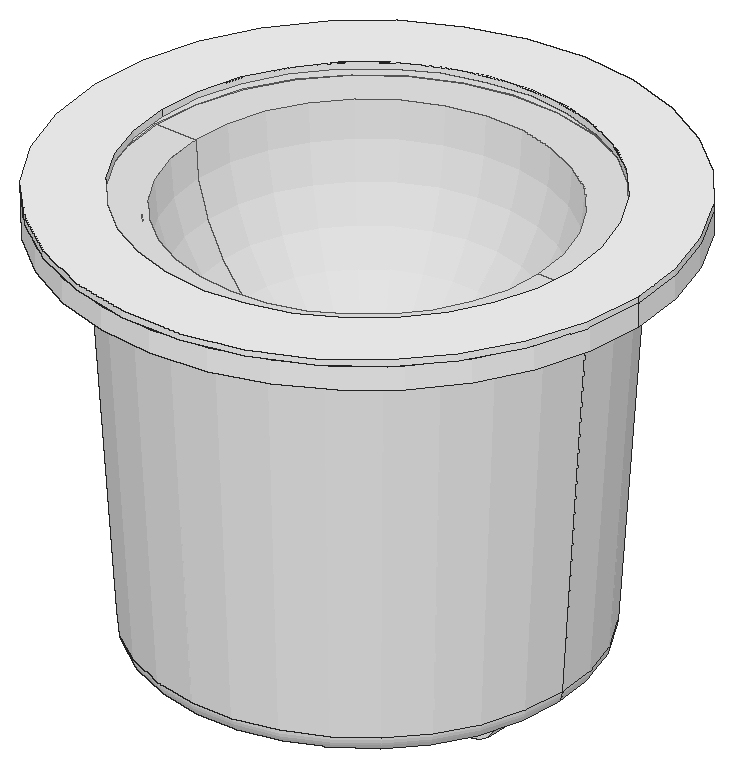
Revit family "2058959", category Lighting Fixtures, host Face, Revit 2018
Family settings
  Host = Face
  Round Connector Dimension = Use Diameter
  Part Type = Normal
  OmniClass Number = 23.80.70.11.17
  OmniClass Title = Specialized Lighting by Location or Use
  Cut with Voids When Loaded = No
  Light Source = Yes
  Shared = No
  Room Calculation Point = No
Parameters (values of type "2058959 MYRIAD DECO IP65 SP 3K DALI EM BK CBEZ")
  Weight = "n/a"
  Wattage = 15 W
  WarrantyStartDate [instance] = "n/a"
  WarrantyGuarantorParts = "n/a"
  WarrantyDurationUnit = "n/a"
  WarrantyDurationParts = ""
  WarrantyDescription = "http://www.sylvania-lighting.com"
  built-in parameter 1150110 = 1 (stored number, unit not read)
  Voltage = 230 V
  URL = "0"
  TypeName = "MYRIAD DECO IP65 SPOT 3000K DALI EM BLACK CBEZ"
  Type Image = 0
  Type Comments = ""
  built-in parameter 1114217 = 1 (stored number, unit not read)
  Tilt Angle = -90°
  built-in parameter 1150109 = 1 (stored number, unit not read)
  built-in parameter 1150134 = (empty or 0)
  built-in parameter 1150113 = 1 (stored number, unit not read)
  SerialNumber [instance] = "n/a"
  Reflector Radius = Cutout Diameter / 2 - 2.5 mm  # 35.0 mm
  Reflector Material = Aluminum_Sylvania_Myriad_Bright
  Recessed Depth = Height  # 72.0 mm
  PowerFactor = 0
  PowerConsumption = "Lighting"
  Photometric Web File = "2058959.ies"
  NominalWidth = 0.0 mm
  NominalLength = 76.0 mm
  NominalHeight = 72.0 mm
  Name = "MYRIAD DECO IP65 SPOT 3000K DALI EM BLACK CBEZ"
  ModelReference = "MYRIAD DECO IP65 SPOT 3000K DALI EM BLACK CBEZ"
  ModelNumber = "2058959"
  Material = "Feilo Sylvania"
  ManufacturerName = "92 lm/W"
  LuminousEfficacy = ""
  LuminaireType = "0"
  LightOutputRatio = "LED"
  LampsType = Lamp  # "n/a"
  LampNominalLuminous = "3000 K"
  LampMacAdamStep = "90"
  LampColourTemperature = "LED"
  LampColourRenderingIndex = "16500"
  Keynote = "n/a"
  Keynote_2 = "16500"
  InstallationDate [instance] = "n/a"
  InputVoltage = "0"
  InputNominalFrequency = "3000"
  IngressProtection = "IfcLightFixtureType"
  ImpactProtectionIndex = "IfcLightFixtureType"
  IfcExportType = "IfcLightFixtureType"
  IfcExportAs = "Class II"
  Height = 72.0 mm  # constant formula
  ExpectedLife = 50000
  Emit from Circle Diameter = Accessory Inner Diameter 2  # 68.0 mm
  Emit Shape Visible in Rendering = no
  ElectricShockClassification = "92"
  DurationUnit = "hours"
  DocumentationLiterature = "http://www.sylvania-lighting.com/product/en-int/products/2058959"
  DimmingControlOptions = "n/a"
  Diffuser Material = Glass_Sylvania_Myriad_Clear_4000K
  Diffuser Diameter = Cutout Diameter  # 75.0 mm
  Cutout Diameter = 75.0 mm  # constant formula
  CreatedOn = "03/02/2022"
  CreatedBy = "@sylvania-lighting.com"
  Cost = 0
  built-in parameter 1114216 [instance] = 1 (stored number, unit not read)
  Model = "MYRIAD DECO IP65 SPOT 3000K DALI EM BLACK CBEZ"
  Manufacturer = "Feilo Sylvania"  # constant formula
  built-in parameter 1150105 = 83.556 (stored number, unit not read)
  Lumens = 1050 lm
  built-in parameter 1150115 = 1 (stored number, unit not read)
  built-in parameter 1150137 = (empty or 0)
  built-in parameter 1150139 = (empty or 0)
  built-in parameter 1150112 = 1 (stored number, unit not read)
  built-in parameter 1150114 = 1 (stored number, unit not read)
  Lamp = "n/a"
  built-in parameter 1150132 = (empty or 0)
  built-in parameter 1150102 = (empty or 0)
  built-in parameter 1150107 = 2700 (stored number, unit not read)
  built-in parameter 1150138 = (empty or 0)
  built-in parameter 1150106 = 0.83556 (stored number, unit not read)
  built-in parameter 1150104 = 6.5032 (stored number, unit not read)
  Dimming Lamp Color Temperature Shift = <None>
  Description = "Supplied complete with electronic control gear Compact Fluorescent low energy downlight Emergency version passes through the cut out Ideal for low level orientation lighting New range of Architectural accessories each providing a different lit dimension New completely flush plaster up accessory ring for clean ceiling lines and smooth finish Order lamp separately"  # constant formula
  Default Elevation = 0.0 mm
  Color Filter = 16777215
  built-in parameter 1140040 [instance] = 1
  Body Radius = Reflector Radius + 1.5 mm  # 36.5 mm
  Body Material = Aluminum_Sylvania_Myriad_Gray
  BarCode [instance] = "n/a"
  built-in parameter 1114218 = 1 (stored number, unit not read)
  built-in parameter 1150133 = 10 (stored number, unit not read)
  AssetType = "Fixed"
  AssetIdentifier [instance] = "n/a"
  Assembly Code = "D5020200"
  Apparent Load = 12 VA
  Accessory Material = Aluminum_Sylvania_Myriad_White
  Accessory Inner Diameter 2 = Accessory Diameter - 22.0 mm  # 68.0 mm
  Accessory Inner Diameter 1 = Accessory Diameter - 2.0 mm  # 88.0 mm
  Accessory Diameter = Cutout Diameter + 15.0 mm  # 90.0 mm
Reference planes
  plane 1 "Center (Front/Back)": y = 0
  plane 2: z = 0
  plane 3 "Center (Left/Right)": x = 0
  plane 4: z = 2
  plane 5 "Fixture Bottom": z = 4.5
  plane 6: z = -28.5
  plane 7: z = -61.5
  plane 8 "Fixture Top": z = -67.5
  plane 9: z = 3.5
Forms (mm)
  Revolve 1, solid, material "Aluminum_Sylvania_Myriad_Bright" <- "Reflector Material", detail levels fine
    sketch origin (0, 0, 0) x (1, 0, 0) y (0, 0, 1)
      loop
        line (0, -27.515) -> (-6, -27.515)
        arc (-6, -27.515) -> (-22.333, -16.632) -> (-28.5, 2) r 30.135
        line (-28.5, 2) -> (-35, 2) -> (-35, 0) -> (-29.184, 0)
        arc (-29.184, 0) -> (-22.423, -18.18) -> (-6, -28.5) r 30.204
        line (-6, -28.5) -> (0, -28.5) -> (0, -27.515)
      axis (0, -28.5) -> (0, 2)
    angle from 0 to 360
  Revolve 2, solid, material "Aluminum_Sylvania_Myriad_Gray" <- "Body Material", detail levels fine
    sketch origin (0, 0, 0) x (1, 0, 0) y (0, 0, 1)
      loop
        line (-44, 2) -> (-44, 0) -> (-36.5, 0) -> (-32.42, -58.708)
        arc (-32.42, -58.708) -> (-31.474, -60.694) -> (-29.428, -61.5) r 3
        line (-29.428, -61.5) -> (0, -61.5) -> (0, -28.5) -> (-6, -28.5)
        arc (-6, -28.5) -> (-22.423, -18.18) -> (-29.184, 0) r 30.204
        line (-29.184, 0) -> (-35, 0) -> (-35, 2) -> (-44, 2)
      axis (0, 2) -> (0, -61.5)
    angle from 0 to 360
  Extrusion 3, solid, material "Aluminum_Sylvania_Myriad_Gray" <- "Body Material", detail levels fine
    sketch origin (0, 0, 0) x (1, 0, 0) y (0, 0, 1)
      loop
        line (-13.5, -67.5) -> (21, -67.5)
        arc (21, -67.5) -> (23.828, -66.328) -> (25, -63.5) r 4
        line (25, -63.5) -> (25, -61.5) -> (-17.5, -61.5) -> (-17.5, -63.5)
        arc (-17.5, -63.5) -> (-16.328, -66.328) -> (-13.5, -67.5) r 4
    from -4.5 to 4.5
  Extrusion 4, solid, material "Aluminum_Sylvania_Myriad_White" <- "Accessory Material", detail levels fine
    sketch origin (0, 0, 0) x (1, 0, 0) y (0, 1, 0)
      loop
        circle (0, 0) r 45
      loop
        circle (0, 0) r 44
    from 0 to 3.5
  Extrusion 5, solid, material "Aluminum_Sylvania_Myriad_White" <- "Accessory Material", detail levels fine
    sketch origin (0, 0, 0) x (1, 0, 0) y (0, 1, 0)
      loop
        circle (0, 0) r 45
      loop
        circle (0, 0) r 34
    from 3.5 to 4.5
  Extrusion 6, solid, material "Aluminum_Sylvania_Myriad_White" <- "Accessory Material", detail levels coarse+medium
    sketch origin (0, 0, 0) x (1, 0, 0) y (0, 1, 0)
      loop
        circle (0, 0) r 45
    from 0 to 4.5
  Revolve 7, solid, detail levels coarse+medium
    sketch origin (0, 0, 0) x (1, 0, 0) y (0, 0, 1)
      loop
        line (36.5, 0) -> (0, 0) -> (0, -61.5) -> (32.226, -61.5) -> (36.5, 0)
      axis (0, 0) -> (0, -61.5)
    angle from 0 to 360
  Extrusion 8, void
    sketch origin (0, 0, 0) x (1, 0, 0) y (0, 1, 0)
      loop
        circle (0, 0) r 37.5
    from -67.5 to 0
  Extrusion 9, solid, material "Glass_Sylvania_Myriad_Clear_4000K" <- "Diffuser Material", detail levels fine
    sketch origin (0, 0, 0) x (1, 0, 0) y (0, 1, 0)
      loop
        circle (0, 0) r 37.5
    from 2 to 3.5
Cuts and joins
  joined: Extrusion 4, Extrusion 5
Lines and regions (mm)
  Masking region 1
    outline origin (0, 0, 0) x (1, 0, 0) y (0, 1, 0)
      loop
        circle (0, 0) r 45
  symbolic lines
    curve 1: arc (-34, 0, 0) -> (0, 34, 0) -> (34, 0, 0) r 34
    curve 2: arc (34, 0, 0) -> (0, -34, 0) -> (-34, 0, 0) r 34
Dimensions and locks
  locked: plane 7 to plane 8 "Fixture Top" at 6
  "Body Radius": Revolve 7 sketch curve to plane 3 "Center (Left/Right)"
  locked: Revolve 7 sketch curve to Revolve 7 sketch curve at 4.274
  plane 5 "Fixture Bottom" to plane 9 to plane 4 to plane 2 to plane 6 = 1.0 mm locked, 1.5 mm locked, 2.0 mm locked, 28.5 mm locked
  "Reflector Radius": Revolve 1 sketch curve to plane 3 "Center (Left/Right)"
  Revolve 1 sketch curve to Revolve 1 sketch curve to Revolve 1 sketch curve to Revolve 1 sketch curve = 6.5 mm locked, 22.5 mm locked, 0.0 mm locked
  "Reflector Radius": plane 3 "Center (Left/Right)" to Revolve 2 sketch curve
  Revolve 2 sketch curve to Revolve 2 sketch curve to Revolve 2 sketch curve = 7.5 mm locked, 1.5 mm locked
  Revolve 2 sketch curve to Revolve 2 sketch curve to Revolve 2 sketch curve = 5.816 mm locked, 23.184 mm locked
  Revolve 2 sketch curve to Revolve 2 sketch curve to Revolve 2 sketch curve = 2.58 mm locked, 2.993 mm locked
  "Accessory Diameter": diameter of Extrusion 4 sketch curve
  "Accessory Inner Diameter 1": diameter of Extrusion 4 sketch curve
  "Accessory Diameter": diameter of Extrusion 5 sketch curve
  "Accessory Diameter": diameter of Extrusion 6 sketch curve
  "Cutout Diameter": diameter of Extrusion 8 sketch curve
  "Accessory Inner Diameter 2": diameter of Extrusion 5 sketch curve
  "Diffuser Diameter": diameter of Extrusion 9 sketch curve
  aligned and locked: plane 2 to host face
  aligned and locked: level to host face
  aligned and locked: plane 1 "Center (Front/Back)" to imposter light
  aligned and locked: plane 3 "Center (Left/Right)" to imposter light
  aligned and locked: Revolve 1 sketch curve to imposter light
  aligned and locked: Extrusion 3 sketch curve to plane 8 "Fixture Top"
  aligned and locked: plane 7 to Extrusion 3 sketch curve
  aligned and locked: Extrusion 4 to plane 2
  aligned and locked: plane 9 to Extrusion 4
  aligned and locked: Extrusion 5 to plane 9
  aligned and locked: plane 5 "Fixture Bottom" to Extrusion 5
  aligned and locked: Extrusion 6 to plane 2
  aligned and locked: plane 5 "Fixture Bottom" to Extrusion 6
  aligned and locked: Extrusion 8 to plane 8 "Fixture Top"
  aligned and locked: plane 2 to Extrusion 8
  aligned and locked: Masking region 1 sketch curve to Extrusion 6  (x2)
  aligned and locked: Extrusion 9 to plane 4
  aligned and locked: plane 9 to Extrusion 9
  aligned and locked: plane 4 to Revolve 2 sketch curve
  aligned and locked: Revolve 2 sketch curve to plane 2
  aligned and locked: curve 1 to cut or joined group of Extrusion 4, Extrusion 5
  aligned and locked: curve 2 to cut or joined group of Extrusion 4, Extrusion 5
  aligned and locked: imposter light to plane 5 "Fixture Bottom"
Automatic sketch dimensions
  host sketch curve to host sketch curve = 1305.563 mm
  host sketch curve to host sketch curve = 1283.632 mm
  Extrusion 3 sketch curve to plane 7 = 2.0 mm
  Extrusion 3 sketch curve to plane 3 "Center (Left/Right)" = 13.5 mm
  plane 3 "Center (Left/Right)" to Extrusion 3 sketch curve = 21.0 mm
  Extrusion 3 sketch curve to Extrusion 3 sketch curve = 4.0 mm
  Revolve 1 sketch curve to level = 0.0 mm
  Revolve 1 sketch curve to plane 3 "Center (Left/Right)" = 0.0 mm
  Revolve 1 sketch curve to plane 6 = 0.0 mm
  Revolve 1 sketch curve to plane 4 = 0.0 mm
  Revolve 1 sketch curve to Revolve 1 sketch curve = 0.684 mm
  level to Revolve 1 sketch curve = 0.88 mm
  Revolve 1 sketch curve to plane 4 = 0.363 mm
  Revolve 1 sketch curve to Revolve 1 sketch curve = 0.625 mm
  Revolve 1 sketch curve to plane 8 "Fixture Top" = 232.8 mm
  plane 5 "Fixture Bottom" to Revolve 1 sketch curve = 291.243 mm
  Revolve 2 sketch curve to plane 3 "Center (Left/Right)" = 0.0 mm  (x2)
  Revolve 2 sketch curve to plane 7 = 0.0 mm
  Revolve 2 sketch curve to plane 6 = 0.0 mm
  Revolve 2 sketch curve to level = 0.0 mm
  level to Revolve 2 sketch curve = 0.88 mm
  plane 7 to Revolve 2 sketch curve = 2.792 mm
  Revolve 2 sketch curve to plane 8 "Fixture Top" = 304.774 mm
  plane 5 "Fixture Bottom" to Revolve 2 sketch curve = 1137.105 mm
  Extrusion 4 sketch curve to Extrusion 4 sketch curve = 0.0 mm  (x2)
  plane 1 "Center (Front/Back)" to Extrusion 4 sketch curve = 0.0 mm
  Extrusion 4 sketch curve to plane 3 "Center (Left/Right)" = 0.0 mm
  Extrusion 5 sketch curve to Extrusion 5 sketch curve = 0.0 mm  (x2)
  plane 1 "Center (Front/Back)" to Extrusion 5 sketch curve = 0.0 mm
  Extrusion 5 sketch curve to plane 3 "Center (Left/Right)" = 0.0 mm
  plane 1 "Center (Front/Back)" to Extrusion 6 sketch curve = 0.0 mm
  Extrusion 6 sketch curve to plane 3 "Center (Left/Right)" = 0.0 mm
  Revolve 7 sketch curve to level = 0.0 mm
  Revolve 7 sketch curve to plane 3 "Center (Left/Right)" = 0.0 mm  (x2)
  Revolve 7 sketch curve to plane 7 = 0.0 mm
  Revolve 7 sketch curve to plane 8 "Fixture Top" = 304.774 mm
  plane 5 "Fixture Bottom" to Revolve 7 sketch curve = 43.226 mm
  plane 1 "Center (Front/Back)" to Extrusion 8 sketch curve = 0.0 mm
  Extrusion 8 sketch curve to plane 3 "Center (Left/Right)" = 0.0 mm
  plane 1 "Center (Front/Back)" to Extrusion 9 sketch curve = 0.0 mm
  Extrusion 9 sketch curve to plane 3 "Center (Left/Right)" = 0.0 mm
Connectors
  electrical at (-0.006, -0.019, -67.5), driven by "Apparent Load", driven by "Apparent Load"
    settings: on plane 8 "Fixture Top", index 1, voltage 230 V, apparent load 12 VA, apparent load phase1 12 VA, apparent load phase2 0 VA, apparent load phase3 0 VA, power factor 1, load classification "Lighting", number of poles 1, system type 30, power factor state 1, is connector primary yes, connector utility no, sub classification motor no, connector description ""
